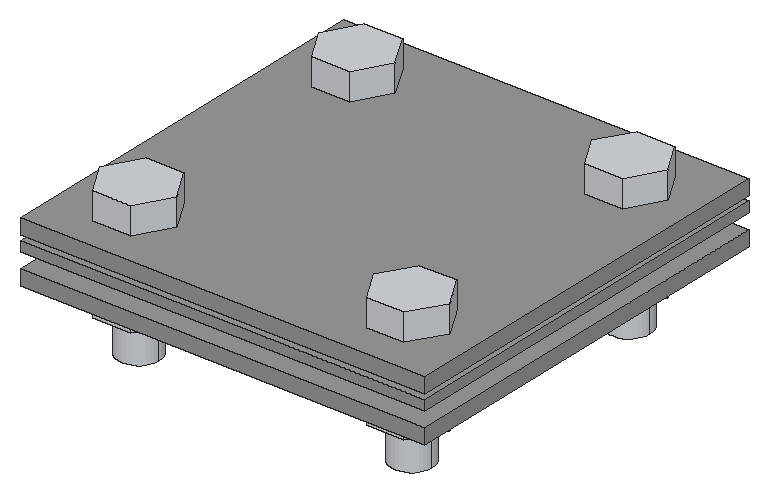
Revit family "DIN-Kreuzverbinder für Flachleiter, mit Zwischenplatte", category Generic Models, Revit 2015
Parameters (values of type "256 DIN 40 FT")
  Width 2 = 19.5 mm
  Width 1 = 27 mm
  Width = 80 mm
  URL = "http://www.obo-bettermann.com"
  Material = Hot-dip galvanised
  Manufacturer Art.No. = "5314623"
  Manufacturer = "OBO Bettermann"
  Length 2 = 20.5 mm
  Length 1 = 27 mm
  Length = 80 mm
  Height 1 = 6 mm
  Height = 3 mm
  GTIN = "4012195419358"
  Article Type = "256 DIN 40 FT"
Types (3, lengths in mm): name | Width 2 | Width 1 | Width | Manufacturer Art.No. | Length 2 | Length 1 | Length | GTIN | Article Type
  (no name) | 19.5 | 27 | 80 | "5314623" | 20.5 | 27 | 80 | "4012195419358" | "256 DIN 40 FT"
  256 DIN 30 FT | 12.5 | 20 | 60 | "5314615" | 13.5 | 20 | 60 | "4012195419297" | "256 DIN 30 FT"
  256 DIN 40 FT | 19.5 | 27 | 80 | "5314623" | 20.5 | 27 | 80 | "4012195419358" | "256 DIN 40 FT"
Reference planes
  plane 1 "Center (Front/Back)": y = 0
  plane 2: z = 0
  plane 3 "Center (Left/Right)": x = 0
  plane 4: z = 1
  plane 5: z = -5
  plane 6: z = 4
  plane 7: z = -8
  plane 8: z = -21
  plane 9: z = 9.3
  plane 10: z = -13.3
  plane 11: z = -2
Forms (mm)
  Extrusion 1, solid, material "Hot-dip galvanised" <- "Material"
    sketch origin (0, 0, 0) x (1, 0, 0) y (0, 1, 0)
      loop
        line (-40, 40) -> (-40, -40) -> (40, -40) -> (40, 40) -> (-40, 40)
    from 1 to 4
  Extrusion 2, solid, material "Hot-dip galvanised" <- "Material"
    sketch origin (0, 0, 0) x (1, 0, 0) y (0, 1, 0)
      loop
        line (-40, 40) -> (-40, -40) -> (40, -40) -> (40, 40) -> (-40, 40)
    from -8 to -5
  Extrusion 3, solid
    sketch origin (0, 0, 0) x (1, 0, 0) y (0, 1, 0)
      loop
        circle (-27, -27) r 4
      loop
        circle (27, -27) r 4
      loop
        circle (27, 27) r 4
      loop
        circle (-27, 27) r 4
    from -21 to 4
  Extrusion 4, solid
    sketch origin (0, 0, 0) x (1, 0, 0) y (0, 1, 0)
      loop
        line (-23.279, 20.5) -> (-19.5, 27.045) -> (-23.279, 33.59) -> (-30.837, 33.59) -> (-34.615, 27.045) -> (-30.837, 20.5) -> (-23.279, 20.5)
    from 4 to 9.3
  Extrusion 5, solid
    sketch origin (0, 0, 0) x (1, 0, 0) y (0, 1, 0)
      loop
        line (30.75, 20.5) -> (34.5, 26.995) -> (30.75, 33.49) -> (23.25, 33.49) -> (19.5, 26.995) -> (23.25, 20.5) -> (30.75, 20.5)
    from 4 to 9.3
  Extrusion 6, solid
    sketch origin (0, 0, 0) x (1, 0, 0) y (0, 1, 0)
      loop
        line (-30.82, -20.5) -> (-34.594, -27.036) -> (-30.82, -33.571) -> (-23.273, -33.571) -> (-19.5, -27.036) -> (-23.273, -20.5) -> (-30.82, -20.5)
    from 4 to 9.3
  Extrusion 7, solid
    sketch origin (0, 0, 0) x (1, 0, 0) y (0, 1, 0)
      loop
        line (23.239, -20.5) -> (19.5, -26.976) -> (23.239, -33.452) -> (30.717, -33.452) -> (34.456, -26.976) -> (30.717, -20.5) -> (23.239, -20.5)
    from 4 to 9.3
  Extrusion 8, solid
    sketch origin (0, 0, 0) x (1, 0, 0) y (0, 1, 0)
      loop
        line (-23.279, 33.59) -> (-30.837, 33.59) -> (-34.615, 27.045) -> (-30.837, 20.5) -> (-23.279, 20.5) -> (-19.5, 27.045) -> (-23.279, 33.59)
      loop
        line (30.75, 33.49) -> (23.25, 33.49) -> (19.5, 26.995) -> (23.25, 20.5) -> (30.75, 20.5) -> (34.5, 26.995) -> (30.75, 33.49)
      loop
        line (30.717, -20.5) -> (23.239, -20.5) -> (19.5, -26.976) -> (23.239, -33.452) -> (30.717, -33.452) -> (34.456, -26.976) -> (30.717, -20.5)
      loop
        line (-23.273, -20.5) -> (-30.82, -20.5) -> (-34.594, -27.036) -> (-30.82, -33.571) -> (-23.273, -33.571) -> (-19.5, -27.036) -> (-23.273, -20.5)
    from -13.3 to -8
  Extrusion 9, solid, material "Hot-dip galvanised" <- "Material"
    sketch origin (0, 0, 0) x (1, 0, 0) y (0, 1, 0)
      loop
        line (-40, 40) -> (-40, -40) -> (40, -40) -> (40, 40) -> (-40, 40)
    from -2 to 0
Dimensions and locks
  "Width": Extrusion 1 sketch curve to Extrusion 1 sketch curve
  "Length": Extrusion 1 sketch curve to Extrusion 1 sketch curve
  equal spacing: Extrusion 1 sketch curve, plane 3 "Center (Left/Right)", Extrusion 1 sketch curve
  equal spacing: Extrusion 1 sketch curve, plane 1 "Center (Front/Back)", Extrusion 1 sketch curve
  "Height 1": plane 4 to plane 5
  locked: plane 4 to level at 1
  "Height": plane 6 to plane 4
  "Height": plane 5 to plane 7
  plane 3 "Center (Left/Right)" to Extrusion 2 = 40 mm
  "Width 1": plane 3 "Center (Left/Right)" to Extrusion 3 sketch curve  (x2)
  "Length 1": Extrusion 3 sketch curve to plane 1 "Center (Front/Back)"  (x2)
  "Width 1": Extrusion 3 sketch curve to plane 3 "Center (Left/Right)"  (x2)
  "Length 1": plane 1 "Center (Front/Back)" to Extrusion 3 sketch curve  (x2)
  locked: Extrusion 4 sketch curve to Extrusion 4 sketch curve at 13.09  (x3)
  "Length 2": plane 1 "Center (Front/Back)" to Extrusion 4 sketch curve
  "Width 2": Extrusion 4 sketch curve to plane 3 "Center (Left/Right)"
  locked: Extrusion 5 sketch curve to Extrusion 5 sketch curve at 12.99  (x3)
  "Length 2": plane 1 "Center (Front/Back)" to Extrusion 5 sketch curve
  "Width 2": plane 3 "Center (Left/Right)" to Extrusion 5 sketch curve
  locked: Extrusion 6 sketch curve to Extrusion 6 sketch curve at 13.071  (x3)
  "Length 2": Extrusion 6 sketch curve to plane 1 "Center (Front/Back)"
  "Width 2": Extrusion 6 sketch curve to plane 3 "Center (Left/Right)"
  locked: Extrusion 7 sketch curve to Extrusion 7 sketch curve at 12.952  (x3)
  "Length 2": Extrusion 7 sketch curve to plane 1 "Center (Front/Back)"
  "Width 2": plane 3 "Center (Left/Right)" to Extrusion 7 sketch curve
  locked: plane 9 to plane 6 at 5.3
  locked: plane 7 to plane 10 at 5.3
  locked: Extrusion 1 to plane 8 at 25
  locked: level to plane 11 at 2
  radius of Extrusion 3 sketch curve = 4 mm  (x4)
  angle Extrusion 4 sketch curve to Extrusion 4 sketch curve = 120.00°  (x6)
  angle Extrusion 5 sketch curve to Extrusion 5 sketch curve = 120.00°  (x5)
  angle Extrusion 6 sketch curve to Extrusion 6 sketch curve = 120.00°  (x6)
  angle Extrusion 7 sketch curve to Extrusion 7 sketch curve = 120.00°  (x5)
  angle Extrusion 7 sketch curve to Extrusion 7 sketch curve = 60.00°
  aligned and locked: level to plane 2
  aligned and locked: Extrusion 1 to plane 4
  aligned and locked: plane 6 to Extrusion 1
  aligned and locked: Extrusion 2 sketch curve to Extrusion 1  (x4)
  aligned and locked: Extrusion 2 to plane 7
  aligned and locked: plane 5 to Extrusion 2
  aligned and locked: Extrusion 3 to plane 8
  aligned and locked: Extrusion 1 to Extrusion 3
  aligned and locked: Extrusion 7 to Extrusion 1
  aligned and locked: Extrusion 7 to plane 9
  aligned and locked: Extrusion 5 to Extrusion 7
  aligned and locked: Extrusion 5 to Extrusion 1
  aligned and locked: Extrusion 6 to Extrusion 1
  aligned and locked: Extrusion 5 to Extrusion 6
  aligned and locked: Extrusion 4 to Extrusion 1
  aligned and locked: Extrusion 5 to Extrusion 4
  aligned and locked: Extrusion 8 sketch curve to Extrusion 4  (x6)
  aligned and locked: Extrusion 8 sketch curve to Extrusion 5  (x6)
  aligned and locked: Extrusion 8 sketch curve to Extrusion 7  (x6)
  aligned and locked: Extrusion 8 sketch curve to Extrusion 6  (x6)
  aligned and locked: Extrusion 8 to plane 10
  aligned and locked: Extrusion 8 to Extrusion 2
  aligned and locked: Extrusion 9 sketch curve to Extrusion 1  (x4)
  aligned and locked: Extrusion 9 to plane 11
  aligned and locked: level to Extrusion 9
Automatic sketch dimensions
  Extrusion 4 sketch curve to Extrusion 4 sketch curve = 3.779 mm
  Extrusion 5 sketch curve to Extrusion 5 sketch curve = 3.75 mm
  Extrusion 6 sketch curve to Extrusion 6 sketch curve = 3.773 mm
  Extrusion 7 sketch curve to Extrusion 7 sketch curve = 3.739 mm
